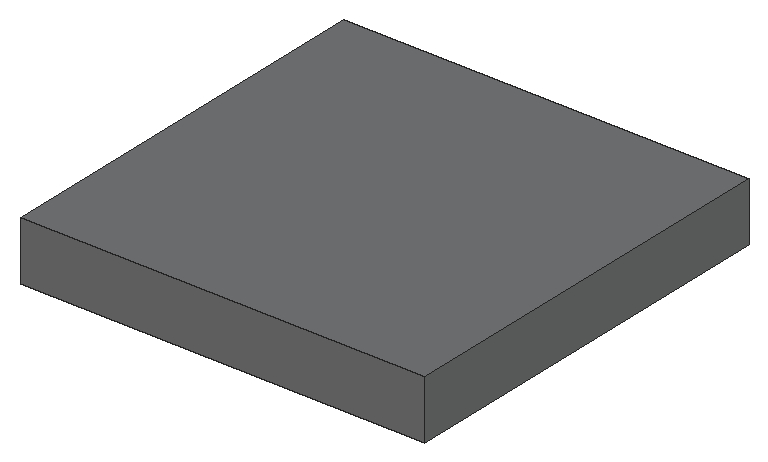
Revit family "Gira_027627", category Electrical Fixtures, host Face, Revit 2017
Family settings
  Host = Face
  Maintain Annotation Orientation = No
  Round Connector Dimension = Use Diameter
  Part Type = Normal
  Cut with Voids When Loaded = No
  Shared = No
  Room Calculation Point = No
Parameters (values of type "Abd. TAE USB System 55 Reinweiß m")
  Zusammenstellung = "Zentralplatte"
  Werkstoffgüte = "sonstige"
  Werkstoff = "Kunststoff"
  Verwendung = "TAE"
  URL = "http://katalog.gira.de/de_DE/datenblatt.html?artikelnr=027627"
  Transparent = "No"
  Tragring = "No"
  Region = "DE"
  RAL-Nummer (ähnlich) = "9010 "
  Oberfläche = "sonstige"
  Name = "Abd. TAE USB System 55 Reinweiß m"
  Montageart = "unter Putz"
  Mit Zugentlastung = "No"
  Mit Staubschutz = "No"
  Mit Klappdeckel = "No"
  Mit Aufdruck = "No"
  Manufacturer URL = "https://www.gira.de/"
  Lüsterklemme = "No"
  Keynote = "Sys55_Abdeckung_Schalten und Tasten"
  HeinzeBIM = "https://bimportal.heinze.de/bim/abd-tae-usb-system-55-reinweiss-m/c82af6fe966e14165234365c714e46f579d6425e"
  Halogenfrei = "Yes"
  HAN = "027627"
  Geeignet für Schutzart (IP) = "IP20"
  GTIN = "4010337276272"
  Farbe = "weiß"
  Default Elevation = 1219.2 mm
  Data sheet (1) = "https://katalog.gira.de/de_DE/download.html?artikelnr=027627"
  Category = "Einsatz/Abdeckung für Kommunikationstechnik"
  Beschriftungsfeld = "ohne Beschriftungsfeld"
  Befestigungsart = "Befestigung mit Schraube"
  Available = "Yes"
  Ausführung der Oberfläche = "matt"
  Anthrazit [instance] = Anthrazit
Reference planes
  plane 1 "Center (Front/Back)": y = 0
  plane 2: z = 0
  plane 3 "Center (Left/Right)": x = 0
Forms (mm)
  Extrusion 1, solid, material "Anthrazit" <- "Anthrazit", detail levels fine
    sketch origin (0, 0, 0) x (1, 0, 0) y (0, 1, 0)
      loop
        line (-27.5, 27.5) -> (-27.5, -27.5) -> (27.5, -27.5) -> (27.5, 27.5) -> (-27.5, 27.5)
    from 0 to 8
  Extrusion 2, void
    sketch origin (0, 0, 0) x (1, 0, 0) y (0, 1, 0)
      loop
        line (26, 26) -> (-26, 26) -> (-26, -26) -> (26, -26) -> (26, 26)
    from 0 to 6
  Extrusion 3, solid, material "Anthrazit" <- "Anthrazit", detail levels medium
    sketch origin (0, 0, 0) x (1, 0, 0) y (0, 1, 0)
      loop
        line (-27.5, 27.5) -> (-27.5, -27.5) -> (27.5, -27.5) -> (27.5, 27.5) -> (-27.5, 27.5)
    from 0 to 8
  Extrusion 4, solid, material "Anthrazit" <- "Anthrazit", detail levels medium
    sketch origin (0, 0, 0) x (1, 0, 0) y (0, 1, 0)
      loop
        line (11, -17.5) -> (11, 17.5) -> (-11, 17.5) -> (-11, -17.5) -> (11, -17.5)
    from -6 to 6
  Extrusion 5, solid, material "Anthrazit" <- "Anthrazit", detail levels fine
    sketch origin (0, 0, 0) x (1, 0, 0) y (0, 1, 0)
      loop
        line (11, 17.5) -> (-11, 17.5) -> (-11, 16.5) -> (11, 16.5) -> (11, 17.5)
      loop
        line (-11, -16.5) -> (-11, -17.5) -> (11, -17.5) -> (11, -16.5) -> (-11, -16.5)
    from -4 to 6
  Extrusion 6, solid, material "Anthrazit" <- "Anthrazit", detail levels fine
    sketch origin (0, 0, 0) x (1, 0, 0) y (0, 1, 0)
      loop
        arc (5, 9.347) -> (0, 10.6) -> (-5, 9.347) r 10.6
        line (-5, 9.347) -> (-5, -9.347)
        arc (-5, -9.347) -> (0, -10.6) -> (5, -9.347) r 10.6
        line (5, -9.347) -> (5, 9.347)
    from -6 to 6
  Extrusion 7, solid, material "Anthrazit" <- "Anthrazit", detail levels coarse
    sketch origin (0, 0, 0) x (1, 0, 0) y (0, 1, 0)
      loop
        line (-27.5, 27.5) -> (-27.5, -27.5) -> (27.5, -27.5) -> (27.5, 27.5) -> (-27.5, 27.5)
    from -6 to 8
Cuts and joins
  Extrusion 2 cuts Extrusion 1
Dimensions and locks
  aligned and locked: plane 2 to host face
  aligned and locked: level to host face
